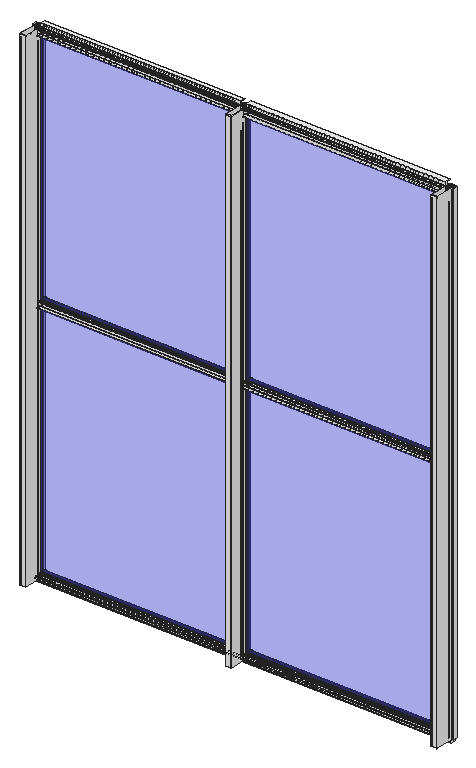
Revit family "Facade_60_Curtain_Wall_S22_Standard", category Windows, host Wall, Revit 2014
Parameters (values of type "F60-S22-4250-1000Pa")
  Windload Design [instance] = if(Custom Windload < 1001 mm, 1000 mm, if(Custom Windload < 1501 mm, 1500 mm, 2000 mm))  # 1000 mm
  Width [instance] = if(Custom Curtain Wall Width < Limit Door Width Min, Limit Door Width Min, if(Custom Curtain Wall Width > Limit Door Width Max, Limit Door Width Max, Custom Curtain Wall Width))  # 4190 mm
  Wall Thickness [instance] = 200 mm
  Vertical Profile Length [instance] = Height - Frame Bottom Gap  # 4960 mm
  URL = "http://www.crealco.co.za/crealco-products.php"
  Type Comments = ""
  Top Profile Overhang = 5.9 mm  # constant formula
  Thermal Resistance (R) [instance] = if(IGDB or SAGDB Number = 100100, 1.0000 (m²·K)/W / Intruderprufe U Value, if(IGDB or SAGDB Number = 100100, 1.0000 (m²·K)/W / Intruderprufe U Value, if(IGDB or SAGDB Number = 105003, 1.0000 (m²·K)/W / Intruderprufe Insulated U Value, if(IGDB or SAGDB Number = 105004, 1.0000 (m²·K)/W / Intruderprufe Insulated LowE U Value, 1.0000 (m²·K)/W / 7.9)))) * 1  # 0.126582 (m²·K)/W
  Thermal Break Material = Plastic, Opaque Black
  Solar Heat Gain Coefficient [instance] = if(IGDB or SAGDB Number = 100100, Intruderprufe SHGC Value, if(IGDB or SAGDB Number = 103200, Intruderprufe LowE SHGC Value, if(IGDB or SAGDB Number = 105003, Intruderprufe Insulated SHGC Value, if(IGDB or SAGDB Number = 105004, Intruderprufe Insulated LowE SHGC Value, 0))))  # 0
  Single Glazing [instance] = if(DG Forced, 1 = 0, not(Double Glazing))  # no
  Sill Height = 85 mm  # constant formula
  SG Forced [instance] = not(DG Forced)  # no
  Quarter Expansion Break = no
  Overall Width [instance] = 4190 mm
  Overall Height [instance] = 4990 mm
  Mullion Side Gap [instance] = (Width / 2) - 30 mm  # 2065 mm
  Mullion Configuration [instance] = if(Windload Design = 1000 mm, if(not(Height > 2490 mm), 1 mm, if(and(not(Height > 4990 mm), not(Width > 1790 mm)), 2 mm, 3 mm)), if(Windload Design = 1500 mm, if(Height > 2490 mm, 3 mm, if(Width > 2990 mm, 2 mm, 1 mm)), if(Height > 2490 mm, 3 mm, if(Width > 1790 mm, 2 mm, 1 mm))))  # 3 mm
  Model = "Façade 60 "  # constant formula
  Mid Transom Bottom Gap [instance] = (Height - Frame Bottom Gap) / 2  # 2480 mm
  Max System DG Unit Thickness = 25 mm  # constant formula
  Max System DG One Piece Thickness [instance] = rounddown((Max System DG Unit Thickness - DG Gasket Thickness) / 2 mm) * 1 mm  # 6 mm
  Max Pane Area [instance] = Glazing Width * Glazing Height  # 4.97114 m²
  Manufacturer = "Crealco"
  Limit Door Width Min = (2 * Limit Panel Width Min) + (2 * Glazing Side Gap) + 19.6 mm  # 699.2 mm
  Limit Door Width Max = (2 * Limit Panel Width Max) + (2 * Glazing Side Gap) + 19.6 mm  # 6099.2 mm
  Limit Door Height Min = (2 * Limit Panel Height Min) + 69.8 mm + (1 mm * 19.6) + 39.8 mm  # 729.2 mm
  Limit Door Height Max = (2 * Limit Panel Height Max) + 69.8 mm + (1 mm * 19.6) + 39.8 mm  # 12129.2 mm
  Limit Panel Width Min = 300 mm  # constant formula
  Limit Panel Width Max = 3000 mm  # constant formula
  Limit Panel Height Min = 300 mm  # constant formula
  Limit Panel Height Max = 6000 mm  # constant formula
  Sill Length [instance] = Width  # 4190 mm
  Length Sill [instance] = Width  # 4190 mm
  Keynote = ""
  Jamb Width = 60 mm  # constant formula
  Intruderprufe U Value = 5.69
  Intruderprufe SHGC Value = 0.742
  Intruderprufe LowE U Value = 3.97
  Intruderprufe LowE SHGC Value = 0.649
  Intruderprufe Insulated U Value = 2.91
  Intruderprufe Insulated SHGC Value = 0.637
  Intruderprufe Insulated LowE U Value = 2.21
  Intruderprufe Insulated LowE SHGC Value = 0.574
  Horizontal Profile Length [instance] = (Width - (2 * Jamb Width) - 60 mm) / 2  # 2005 mm
  Half Expansion Break = no
  Glazing Width [instance] = Horizontal Profile Length + (2 mm * 20.2)  # 2045.4 mm
  Glazing Top Gap = 39.8 mm  # constant formula
  Glazing Side Gap = 39.8 mm  # constant formula
  Glazing Height [instance] = (Height - Glazing Top Gap - Glazing Bottom Gap - (60 mm - 20.2 mm - 20.2 mm)) / 2  # 2430.4 mm
  Glazing Gap SG [instance] = (14 mm - SG Thickness) / 2  # 2 mm
  Glazing Gap DG [instance] = (28 mm - (DG Thickness + DG Thickness + DG Gasket Thickness)) / 2  # 2 mm
  Glazing Bottom Gap = 69.8 mm  # constant formula
  Frame Thickness = 101.8 mm  # constant formula
  Frame Bottom Gap = 30 mm  # constant formula
  Door Leaf Height [instance] = 2050 mm
  Double Glazing [instance] = yes
  DG Thickness Calc [instance] = if(not(Max Pane Area > 1.125 m²), 4 mm, if(not(Max Pane Area > 2.25 m²), 4 mm, if(not(Max Pane Area > 3.15 m²), 5 mm, if(not(Max Pane Area > 4.35 m²), 6 mm, if(not(Max Pane Area > 6.45 m²), 8 mm, 10 mm)))))  # 8 mm
  DG Thickness [instance] = if(IGDB or SAGDB Number = 105003, 6 mm, if(IGDB or SAGDB Number = 105004, 7 mm, if(DG Thickness Calc > Max System DG One Piece Thickness, Max System DG One Piece Thickness, DG Thickness Calc)))  # 6 mm
  DG Gasket Thickness = 12 mm  # constant formula
  DG Gasket Finish [instance] = Double Glazing Gasket Material
  DG Forced [instance] = if(IGDB or SAGDB Number = 100100, 1 = 0, if(IGDB or SAGDB Number = 103200, 1 = 0, if(IGDB or SAGDB Number = 105003, 1 = 1, if(IGDB or SAGDB Number = 105004, 1 = 1, Double Glazing))))  # yes
  IGDB or SAGDB Number [instance] = 0
  Height [instance] = if(Custom Curtain Wall Height < Limit Door Height Min, Limit Door Height Min, if(Custom Curtain Wall Height > Limit Door Height Max, Limit Door Height Max, Custom Curtain Wall Height))  # 4990 mm
  Heat Transfer Coefficient (U) [instance] = if(IGDB or SAGDB Number = 100100, Intruderprufe U Value, if(IGDB or SAGDB Number = 103200, Intruderprufe LowE U Value, if(IGDB or SAGDB Number = 105003, Intruderprufe Insulated U Value, if(IGDB or SAGDB Number = 105004, Intruderprufe Insulated LowE U Value, 7.9)))) * 1.0000 W/(m²·K)  # 7.9000 W/(m²·K)
  SG Thickness [instance] = if(IGDB or SAGDB Number = 100100, 6 mm, if(IGDB or SAGDB Number = 103200, 7 mm, if(not(Max Pane Area > 0.75 m²), 4 mm, if(not(Max Pane Area > 1.50 m²), 4 mm, if(not(Max Pane Area > 2.10 m²), 5 mm, if(not(Max Pane Area > 2.90 m²), 6.4 mm, if(not(Max Pane Area > 4.30 m²), 8 mm, 10 mm)))))))  # 10 mm
  Glazing Material [instance] = if(IGDB or SAGDB Number = 100100, "PFG INTRUDERPRUFE 6.38mm", if(IGDB or SAGDB Number = 103200, "PFG INTRUDERPRUFE LOW-E 7.38mm", if(IGDB or SAGDB Number = 105003, "PFG 25mm INTRUDERPRUFE INSULATED GLASS", if(IGDB or SAGDB Number = 105004, "PFG 25mm INTRUDERPRUFE INSULATED GLASS LOW-E", "Unknown"))))  # "Unknown"
  Glazing Finish [instance] = Glass
  Glazing Code [instance] = if(IGDB or SAGDB Number = 100100, "LAM01", if(IGDB or SAGDB Number = 103200, "LAM01E", if(IGDB or SAGDB Number = 105003, "IGU25", if(IGDB or SAGDB Number = 105004, "IGU25E", "Unknown"))))  # "Unknown"
  Frame Offset From Exterior [instance] = if(Centered In Wall, (Wall Thickness - Frame Thickness) / 2, Custom Offset From Exterior) + 5.9 mm  # 55 mm
  Description = "Curtain wall, S22 "  # constant formula
  Default Sill Height = 0 mm
  Wall Closure = By host
  Custom Curtain Wall Width = 4190 mm
  Custom Curtain Wall Height = 4990 mm
  Custom Windload = 1000 mm
  Custom Offset From Exterior = 0 mm
  Centered In Wall [instance] = 1 = 1  # yes
  Aluminium Finish [instance] = White Powder Coated Aluminium ANP 1052
  All Available Glazing Numbers [instance] = "The rows below list the available glazing materials for this window:"  # constant formula
  190mm Mullion [instance] = if(Mullion Configuration = 3 mm, 1 = 1, 1 = 0)  # yes
  160mm Mullion [instance] = if(Mullion Configuration = 2 mm, 1 = 1, 1 = 0)  # no
  105004 [instance] = "IGU25E"  # constant formula
  105003 [instance] = "IGU25"  # constant formula
  103200 [instance] = "LAM01E"  # constant formula
  100mm Mullion [instance] = if(or(Mullion Configuration = 2 mm, Mullion Configuration = 3 mm), 1 = 0, 1 = 1)  # no
  100100 [instance] = "LAM01"  # constant formula
Reference planes
  plane 1 "Center (Front/Back)": y = 0
  plane 2 "Center (Left/Right)": x = 0
  plane 3 "Left": x = -2095
  plane 4 "Right": x = 2095
  plane 5 "Sill": z = 0
  plane 6 "Head": z = 4990
  plane 7 "Exterior": y = 100
  plane 8 "Interior": y = -100
Lines and regions (mm)
  Opening 1
    outline origin (3507.082, -100, 0) x (1, 0, 0) y (0, 0, 1)
      loop
        line (-1412.082, 0) -> (-1412.082, 4990) -> (-5602.082, 4990) -> (-5602.082, 0) -> (-1412.082, 0)
Text (mm)
  text "EXTERIOR" at (-1963.203, 1332.353, 0), in view "Ref. Level"
  text "INTERIOR" at (-1981.466, -818.386, 0), in view "Ref. Level"
  text "Exterior" at (0, 923.751, 2943.296), in view "Right"
  text "Exterior" at (0, 1040.484, 2685.409), in view "Left"
Dimensions and locks
  equal spacing: plane 3 "Left", plane 2 "Center (Left/Right)", plane 4 "Right"
  "Width": plane 3 "Left" to plane 4 "Right"
  "Height": plane 5 "Sill" to plane 6 "Head"
  "Default Sill Height": plane 5 "Sill" to level
  locked: plane 7 "Exterior" to host wall at 0
  locked: plane 8 "Interior" to host wall
  "Overall Height": plane 6 "Head" to plane 5 "Sill"
  "Overall Width": plane 3 "Left" to plane 4 "Right"
  "Wall Thickness": host wall to host wall
  "Jamb Width": nested 3 to plane 4 "Right"
  "Jamb Width": nested 5 to plane 4 "Right"
  "Frame Bottom Gap": nested 5 to level
  "Frame Offset From Exterior": nested 1 to plane 7 "Exterior"
  "Glazing Side Gap": nested 6 to plane 4 "Right"
  "Glazing Top Gap": nested 6 to plane 6 "Head"
  "Glazing Gap SG": nested 6 to nested 1
  "Glazing Side Gap": nested 7 to plane 4 "Right"
  "Glazing Top Gap": nested 7 to plane 6 "Head"
  "Glazing Gap DG": nested 7 to nested 1
  "Mullion Side Gap": nested 8 to plane 4 "Right"
  "Frame Bottom Gap": nested 8 to level
  "Jamb Width": plane 3 "Left" to nested 10
  "Jamb Width": plane 3 "Left" to nested 9
  "Glazing Side Gap": plane 3 "Left" to nested 11
  "Glazing Side Gap": plane 3 "Left" to nested 12
  "Glazing Gap SG": nested 2 to nested 12
  "Glazing Gap DG": nested 2 to nested 11
  "Glazing Bottom Gap": nested 11 to level
  "Glazing Bottom Gap": nested 12 to level
  "Frame Bottom Gap": nested 9 to level
  "Mid Transom Bottom Gap": nested 13 to level
  "Mid Transom Bottom Gap": nested 14 to level
  "Jamb Width": plane 3 "Left" to nested 13
  "Jamb Width": nested 14 to plane 4 "Right"
  "Glazing Bottom Gap": nested 15 to level
  "Glazing Bottom Gap": nested 16 to level
  "Glazing Top Gap": nested 17 to plane 6 "Head"
  "Glazing Top Gap": nested 18 to plane 6 "Head"
  "Glazing Side Gap": plane 3 "Left" to nested 18
  "Glazing Side Gap": plane 3 "Left" to nested 17
  "Glazing Side Gap": nested 15 to plane 4 "Right"
  "Glazing Side Gap": nested 16 to plane 4 "Right"
  "Glazing Gap SG": nested 16 to nested 1
  "Glazing Gap DG": nested 15 to nested 1
  "Glazing Gap SG": nested 2 to nested 18
  "Glazing Gap DG": nested 2 to nested 17
  host wall to host wall = 12700 mm
  aligned and locked: plane 4 "Right" to nested 1
  aligned and locked: nested 1 to plane 6 "Head"
  aligned and locked: plane 3 "Left" to nested 2
  aligned and locked: plane 6 "Head" to nested 2
  aligned and locked: nested 3 to plane 6 "Head"
  aligned and locked: nested 4 to level
  aligned and locked: plane 4 "Right" to nested 4
  aligned and locked: nested 1 to nested 2
  aligned and locked: nested 5 to nested 4
  aligned and locked: nested 8 to nested 2
  aligned and locked: nested 10 to plane 6 "Head"
  aligned and locked: nested 5 to nested 10
  aligned and locked: nested 5 to nested 9
  aligned and locked: nested 10 to nested 3
  aligned and locked: nested 10 to nested 2
  aligned and locked: nested 13 to nested 10
  aligned and locked: nested 14 to nested 3
Automatic sketch dimensions
  plane 3 "Left" to Opening 1 sketch curve = 0 mm
  plane 4 "Right" to Opening 1 sketch curve = 0 mm
  Opening 1 sketch curve to plane 5 "Sill" = 0 mm
  Opening 1 sketch curve to plane 6 "Head" = 0 mm
Nested families
  nested 1: "F60 Vertical Profile Side_S22_Std" at (2095, -1.058, 30) x (-1, 0, 0) z (0, 0, 1), Thermal Break Material <- "Thermal Break Material", Profile Material <- "Aluminium Finish", Length <- "Vertical Profile Length", Single Glazing <- "SG Forced", Double Glazing <- "DG Forced", 100mm Mullion <- "100mm Mullion", 160mm Mullion <- "160mm Mullion", 190mm Mullion <- "190mm Mullion", Quarter Expansion Break <- "Quarter Expansion Break", Half Expansion Break <- "Half Expansion Break", type "F60 Vertical Profile Side_S22_Std"
    with Thermal Break Material Plastic, Opaque Black, Single Glazing no, Quarter SG Expansion Break no, Quarter Length 1240 mm, Quarter Expansion Break no, Quarter DG Expansion Break no, Quarter 190mm Expansion Break no, Quarter 160mm Expansion Break no, Quarter 100mm Expansion Break no, Profile Material White Powder Coated Aluminium ANP 1052, Length 4960 mm, Half SG Expansion Break no, Half Length 2480 mm, Half Expansion Break no, Half DG Expansion Break no, Half 190mm Expansion Joint no, Half 160mm Expansion Break no, Half 100mm Expansion Break no, Double Glazing yes, 190mm Mullion yes, 160mm Mullion no, 100mm Mullion no
  nested 2: "F60 Vertical Profile Side_S22_Std" at (-2095, -1.058, 30), Thermal Break Material <- "Thermal Break Material", Profile Material <- "Aluminium Finish", Length <- "Vertical Profile Length", Single Glazing <- "SG Forced", Double Glazing <- "DG Forced", 100mm Mullion <- "100mm Mullion", 160mm Mullion <- "160mm Mullion", 190mm Mullion <- "190mm Mullion", Quarter Expansion Break <- "Quarter Expansion Break", Half Expansion Break <- "Half Expansion Break", type "F60 Vertical Profile Side_S22_Std"
    with Thermal Break Material Plastic, Opaque Black, Single Glazing no, Quarter SG Expansion Break no, Quarter Length 1240 mm, Quarter Expansion Break no, Quarter DG Expansion Break no, Quarter 190mm Expansion Break no, Quarter 160mm Expansion Break no, Quarter 100mm Expansion Break no, Profile Material White Powder Coated Aluminium ANP 1052, Length 4960 mm, Half SG Expansion Break no, Half Length 2480 mm, Half Expansion Break no, Half DG Expansion Break no, Half 190mm Expansion Joint no, Half 160mm Expansion Break no, Half 100mm Expansion Break no, Double Glazing yes, 190mm Mullion yes, 160mm Mullion no, 100mm Mullion no
  nested 3: "F60 Horizontal Profile Top_S22_Std" at (2035, -50.858, 4930) x (-1, 0, 0) z (0, 0, 1), Thermal Break Material <- "Thermal Break Material", Profile Material <- "Aluminium Finish", Length <- "Horizontal Profile Length", Single Glazing <- "SG Forced", Double Glazing <- "DG Forced", type "F60 Horizontal Profile Top_S22_Std"
    with Thermal Break Material Plastic, Opaque Black, Single Glazing no, Profile Material White Powder Coated Aluminium ANP 1052, Length 2005 mm, Double Glazing yes
  nested 4: "F60 Sill_S22_Std" at (2095, -13.486, -1.88) x (-1, 0, 0) z (0, 0, 1), Profile Material <- "Aluminium Finish", Length Sill <- "Length Sill", type "F60 Sill_S22_Std"
    with Profile Material White Powder Coated Aluminium ANP 1052, Length Sill 4190 mm
  nested 5: "F60 Horizontal Profile Bottom_S22_Std" at (2035, -50.858, 30) x (-1, 0, 0) z (0, 0, 1), Thermal Break Material <- "Thermal Break Material", Profile Material <- "Aluminium Finish", Length <- "Horizontal Profile Length", Single Glazing <- "SG Forced", Double Glazing <- "DG Forced", type "F60 Horizontal Profile Bottom_S22_Std"
    with Thermal Break Material Plastic, Opaque Black, Single Glazing no, Profile Material White Powder Coated Aluminium ANP 1052, Length 2005 mm, Double Glazing yes
  nested 6: "F60_Single_Glazing_S22_Std" at (2055.2, 10.942, 2519.8), Glazing Width <- "Glazing Width", Glazing Height <- "Glazing Height", SG Thickness <- "SG Thickness", Glazing Finish <- "Glazing Finish", visible <- "SG Forced", type "F60_Single_Glazing_S22_Std"
    with SG Thickness 10 mm, Glazing Width 2045.4 mm, Glazing Height 2430.4 mm, Glazing Finish Glass
  nested 7: "F60_Double_Glazing_S22_Std" at (2055.2, 24.942, 2519.8), Glazing Material <- "Glazing Finish", Double Glazing Gasket Material <- "DG Gasket Finish", Glazing Width <- "Glazing Width", Glazing Height <- "Glazing Height", Glazing Thickness DG <- "DG Thickness", Double Glazing Gasket Thickness <- "DG Gasket Thickness", visible <- "DG Forced", type "F60_Double_Glazing_S22_Std"
    with Glazing Width 2045.4 mm, Glazing Thickness DG 6 mm, Glazing Material Glass, Glazing Height 2430.4 mm, Double Glazing Gasket Thickness 12 mm, Double Glazing Gasket Material Double Glazing Gasket Material
  nested 8: "F60 Vertical Profile Middle_S22_Std" at (30, -1.058, 30) x (-1, 0, 0) z (0, 0, 1), Thermal Break Material <- "Thermal Break Material", Profile Material <- "Aluminium Finish", Single Glazing <- "SG Forced", Double Glazing <- "DG Forced", 190mm Mullion <- "190mm Mullion", 160mm Mullion <- "160mm Mullion", 100mm Mullion <- "100mm Mullion", Length <- "Vertical Profile Length", Quarter Expansion Break <- "Quarter Expansion Break", Half Expansion Break <- "Half Expansion Break", type "F60 Vertical Profile Middle_S22_Std"
    with Thermal Break Material Plastic, Opaque Black, Single Glazing no, Quarter SG Expansion Break no, Quarter Length 1240 mm, Quarter Expansion Break no, Quarter DG Expansion Break no, Quarter 190mm Expansion Break no, Quarter 160mm Expansion Break no, Quarter 100mm Expansion Break no, Profile Material White Powder Coated Aluminium ANP 1052, Length 4960 mm, Half SG Expansion Break no, Half Length 2480 mm, Half Expansion Break no, Half DG Expansion Break no, Half 190mm Expansion Joint no, Half 160mm Expansion Break no, Half 100mm Expansion Break no, Double Glazing yes, 190mm Mullion yes, 160mm Mullion no, 100mm Mullion no
  nested 9: "F60 Horizontal Profile Bottom_S22_Std" at (-30, -50.858, 30) x (-1, 0, 0) z (0, 0, 1), Thermal Break Material <- "Thermal Break Material", Profile Material <- "Aluminium Finish", Length <- "Horizontal Profile Length", Single Glazing <- "SG Forced", Double Glazing <- "DG Forced", type "F60 Horizontal Profile Bottom_S22_Std"
    with Thermal Break Material Plastic, Opaque Black, Single Glazing no, Profile Material White Powder Coated Aluminium ANP 1052, Length 2005 mm, Double Glazing yes
  nested 10: "F60 Horizontal Profile Top_S22_Std" at (-30, -50.858, 4930) x (-1, 0, 0) z (0, 0, 1), Thermal Break Material <- "Thermal Break Material", Profile Material <- "Aluminium Finish", Length <- "Horizontal Profile Length", Single Glazing <- "SG Forced", Double Glazing <- "DG Forced", type "F60 Horizontal Profile Top_S22_Std"
    with Thermal Break Material Plastic, Opaque Black, Single Glazing no, Profile Material White Powder Coated Aluminium ANP 1052, Length 2005 mm, Double Glazing yes
  nested 11: "F60_Double_Glazing_S22_Std" at (-9.8, 24.942, 69.8), Glazing Material <- "Glazing Finish", Double Glazing Gasket Material <- "DG Gasket Finish", Glazing Width <- "Glazing Width", Glazing Height <- "Glazing Height", Glazing Thickness DG <- "DG Thickness", Double Glazing Gasket Thickness <- "DG Gasket Thickness", visible <- "DG Forced", type "F60_Double_Glazing_S22_Std"
    with Glazing Width 2045.4 mm, Glazing Thickness DG 6 mm, Glazing Material Glass, Glazing Height 2430.4 mm, Double Glazing Gasket Thickness 12 mm, Double Glazing Gasket Material Double Glazing Gasket Material
  nested 12: "F60_Single_Glazing_S22_Std" at (-9.8, 10.942, 69.8), Glazing Width <- "Glazing Width", Glazing Height <- "Glazing Height", SG Thickness <- "SG Thickness", Glazing Finish <- "Glazing Finish", visible <- "SG Forced", type "F60_Single_Glazing_S22_Std"
    with SG Thickness 10 mm, Glazing Width 2045.4 mm, Glazing Height 2430.4 mm, Glazing Finish Glass
  nested 13: "F60 Horizontal Profile Middle_S22_Std" at (-30, -50.858, 2480) x (-1, 0, 0) z (0, 0, 1), Thermal Break Material <- "Thermal Break Material", Profile Material <- "Aluminium Finish", Length <- "Horizontal Profile Length", Single Glazing <- "SG Forced", Double Glazing <- "DG Forced", type "F60 Horizontal Profile Middle_S22_Std"
    with Thermal Break Material Plastic, Opaque Black, Single Glazing no, Profile Material White Powder Coated Aluminium ANP 1052, Length 2005 mm, Double Glazing yes
  nested 14: "F60 Horizontal Profile Middle_S22_Std" at (2035, -50.858, 2480) x (-1, 0, 0) z (0, 0, 1), Thermal Break Material <- "Thermal Break Material", Profile Material <- "Aluminium Finish", Length <- "Horizontal Profile Length", Single Glazing <- "SG Forced", Double Glazing <- "DG Forced", type "F60 Horizontal Profile Middle_S22_Std"
    with Thermal Break Material Plastic, Opaque Black, Single Glazing no, Profile Material White Powder Coated Aluminium ANP 1052, Length 2005 mm, Double Glazing yes
  nested 15: "F60_Double_Glazing_S22_Std" at (2055.2, 24.942, 69.8), Glazing Material <- "Glazing Finish", Double Glazing Gasket Material <- "DG Gasket Finish", Glazing Width <- "Glazing Width", Glazing Height <- "Glazing Height", Glazing Thickness DG <- "DG Thickness", Double Glazing Gasket Thickness <- "DG Gasket Thickness", visible <- "DG Forced", type "F60_Double_Glazing_S22_Std"
    with Glazing Width 2045.4 mm, Glazing Thickness DG 6 mm, Glazing Material Glass, Glazing Height 2430.4 mm, Double Glazing Gasket Thickness 12 mm, Double Glazing Gasket Material Double Glazing Gasket Material
  nested 16: "F60_Single_Glazing_S22_Std" at (2055.2, 10.942, 69.8), Glazing Width <- "Glazing Width", Glazing Height <- "Glazing Height", SG Thickness <- "SG Thickness", Glazing Finish <- "Glazing Finish", visible <- "SG Forced", type "F60_Single_Glazing_S22_Std"
    with SG Thickness 10 mm, Glazing Width 2045.4 mm, Glazing Height 2430.4 mm, Glazing Finish Glass
  nested 17: "F60_Double_Glazing_S22_Std" at (-9.8, 24.942, 2519.8), Glazing Material <- "Glazing Finish", Double Glazing Gasket Material <- "DG Gasket Finish", Glazing Width <- "Glazing Width", Glazing Height <- "Glazing Height", Glazing Thickness DG <- "DG Thickness", Double Glazing Gasket Thickness <- "DG Gasket Thickness", visible <- "DG Forced", type "F60_Double_Glazing_S22_Std"
    with Glazing Width 2045.4 mm, Glazing Thickness DG 6 mm, Glazing Material Glass, Glazing Height 2430.4 mm, Double Glazing Gasket Thickness 12 mm, Double Glazing Gasket Material Double Glazing Gasket Material
  nested 18: "F60_Single_Glazing_S22_Std" at (-9.8, 10.942, 2519.8), Glazing Width <- "Glazing Width", Glazing Height <- "Glazing Height", SG Thickness <- "SG Thickness", Glazing Finish <- "Glazing Finish", visible <- "SG Forced", type "F60_Single_Glazing_S22_Std"
    with SG Thickness 10 mm, Glazing Width 2045.4 mm, Glazing Height 2430.4 mm, Glazing Finish Glass
Definition of nested family "F60 Vertical Profile Side_S22_Std"
  Parameters (values of type "F60 Vertical Profile Side")
    Quarter SG Expansion Break [instance] = if(and(Quarter Expansion Break, Single Glazing), 1 = 1, 1 = 0)  # yes
    Quarter Length [instance] = Length / 4  # 62.5 mm
    Thermal Break Material [instance] = none
    Single Glazing [instance] = yes
    Quarter Expansion Break [instance] = yes
    Quarter DG Expansion Break [instance] = if(and(Quarter Expansion Break, Double Glazing), 1 = 1, 1 = 0)  # yes
    Quarter 190mm Expansion Break [instance] = if(and(Quarter Expansion Break, [190mm Mullion]), 1 = 1, 1 = 0)  # yes
    Quarter 160mm Expansion Break [instance] = if(and(Quarter Expansion Break, [160mm Mullion]), 1 = 1, 1 = 0)  # yes
    Quarter 100mm Expansion Break [instance] = if(and(Quarter Expansion Break, [100mm Mullion]), 1 = 1, 1 = 0)  # yes
    Profile Material [instance] = none
    Length [instance] = 250 mm
    Half SG Expansion Break [instance] = if(and(Half Expansion Break, Single Glazing), 1 = 1, 1 = 0)  # yes
    Half Length [instance] = Length / 2  # 125 mm
    Half Expansion Break [instance] = yes
    Half DG Expansion Break [instance] = if(and(Half Expansion Break, Double Glazing), 1 = 1, 1 = 0)  # yes
    Half 190mm Expansion Joint [instance] = if(and(Half Expansion Break, [190mm Mullion]), 1 = 1, 1 = 0)  # yes
    Half 160mm Expansion Break [instance] = if(and(Half Expansion Break, [160mm Mullion]), 1 = 1, 1 = 0)  # yes
    Half 100mm Expansion Break [instance] = if(and(Half Expansion Break, [100mm Mullion]), 1 = 1, 1 = 0)  # yes
    Double Glazing [instance] = yes
    190mm Mullion [instance] = yes
    160mm Mullion [instance] = yes
    100mm Mullion [instance] = yes
  Reference planes
    plane 1 "Center (Front/Back)": y = 0
    plane 2: z = 0
    plane 3 "Center (Left/Right)": x = 0
  Forms (mm)
    Extrusion 1, solid, material <- "Profile Material"
      sketch origin (0, 0, 0) x (1, 0, 0) y (0, 1, 0)
        loop
          arc (25.249, -8.7) -> (25.484, -9.266) -> (26.049, -9.5) r 0.8
          line (26.049, -9.5) -> (27.1, -9.5) -> (27.1, 7) -> (32.902, 7) -> (32.902, -9.5) -> (33.951, -9.5)
          arc (33.951, -9.5) -> (34.516, -9.266) -> (34.751, -8.7) r 0.8
          line (34.751, -8.7) -> (34.751, 6.2)
          arc (34.751, 6.2) -> (34.985, 6.766) -> (35.551, 7) r 0.8
          line (35.551, 7) -> (52.1, 7) -> (52.1, 5.4) -> (50.55, 5.4) -> (50.55, 4.55)
          arc (50.55, 4.55) -> (50.726, 4.126) -> (51.15, 3.95) r 0.6
          line (51.15, 3.95) -> (52.1, 3.95) -> (52.1, 1)
          arc (52.1, 1) -> (51.6, 0.5) -> (52.1, 0) r 0.5
          line (52.1, 0) -> (54.45, 0) -> (54.45, 1.15) -> (53.3, 1.15) -> (53.3, 2.45) -> (58.8, 2.45) -> (58.8, 1.15) -> (57.65, 1.15) -> (57.65, 0) -> (59.5, 0)
          arc (59.5, 0) -> (59.854, 0.146) -> (60, 0.5) r 0.5
          line (60, 0.5) -> (60, 3.9) -> (53.55, 3.9) -> (53.55, 7.6)
          arc (53.55, 7.6) -> (53.316, 8.166) -> (52.75, 8.4) r 0.8
          line (52.75, 8.4) -> (30, 8.4) -> (7.25, 8.4)
          arc (7.25, 8.4) -> (6.684, 8.166) -> (6.45, 7.6) r 0.8
          line (6.45, 7.6) -> (6.45, 3.9) -> (0, 3.9) -> (0, 0.5)
          arc (0, 0.5) -> (0.146, 0.146) -> (0.5, 0) r 0.5
          line (0.5, 0) -> (2.35, 0) -> (2.35, 1.15) -> (1.2, 1.15) -> (1.2, 2.45) -> (6.7, 2.45) -> (6.7, 1.15) -> (5.55, 1.15) -> (5.55, 0) -> (7.9, 0)
          arc (7.9, 0) -> (8.4, 0.5) -> (7.9, 1) r 0.5
          line (7.9, 1) -> (7.9, 3.95) -> (8.85, 3.95)
          arc (8.85, 3.95) -> (9.274, 4.126) -> (9.45, 4.55) r 0.6
          line (9.45, 4.55) -> (9.45, 5.4) -> (7.9, 5.4) -> (7.9, 7) -> (24.449, 7)
          arc (24.449, 7) -> (25.015, 6.766) -> (25.249, 6.2) r 0.8
          line (25.249, 6.2) -> (25.249, -8.7)
      from 0 to 250 <- "Length"
    Extrusion 2, solid, material <- "Thermal Break Material"
      sketch origin (0, 0, 0) x (1, 0, 0) y (0, 1, 0)
        loop
          line (1.75, 9.8) -> (1.75, 5.2) -> (0, 5.2) -> (0, 3.9) -> (6.35, 3.9) -> (6.35, 7.856)
          arc (6.35, 7.856) -> (6.526, 8.281) -> (6.95, 8.456) r 0.6
          line (6.95, 8.456) -> (30, 8.456) -> (53.05, 8.456)
          arc (53.05, 8.456) -> (53.474, 8.281) -> (53.65, 7.856) r 0.6
          line (53.65, 7.856) -> (53.65, 3.9) -> (60, 3.9) -> (60, 5.2) -> (58.25, 5.2) -> (58.25, 9.8) -> (30, 9.8) -> (1.75, 9.8)
      from 0 to 250 <- "Length"
    Extrusion 3, solid, material <- "Thermal Break Material", visible <- "Single Glazing"
      sketch origin (0, 0, 0) x (1, 0, 0) y (0, 1, 0)
        loop
          line (25.749, -14.011) -> (27.672, -14.011) -> (28.481, -12.611) -> (31.518, -12.611) -> (32.327, -14.011) -> (34.249, -14.011)
          arc (34.249, -14.011) -> (34.603, -13.864) -> (34.749, -13.511) r 0.5
          line (34.749, -13.511) -> (34.749, -10.011)
          arc (34.749, -10.011) -> (34.603, -9.657) -> (34.249, -9.511) r 0.5
          line (34.249, -9.511) -> (32.352, -9.511) -> (32.352, 0.19) -> (31.349, 2.261)
          arc (31.349, 2.261) -> (29.999, 2.986) -> (28.649, 2.261) r 1.62
          line (28.649, 2.261) -> (27.647, 0.19) -> (27.647, -9.511) -> (25.749, -9.511)
          arc (25.749, -9.511) -> (25.396, -9.657) -> (25.249, -10.011) r 0.5
          line (25.249, -10.011) -> (25.249, -13.511)
          arc (25.249, -13.511) -> (25.396, -13.864) -> (25.749, -14.011) r 0.5
        loop
          line (28.504, -10.005) -> (28.504, -10.861)
          arc (28.504, -10.861) -> (28.651, -11.214) -> (29.004, -11.361) r 0.5
          line (29.004, -11.361) -> (30.994, -11.361)
          arc (30.994, -11.361) -> (31.348, -11.214) -> (31.494, -10.861) r 0.5
          line (31.494, -10.861) -> (31.494, -10.005) -> (30.708, -9.219)
          arc (30.708, -9.219) -> (30.383, -9.001) -> (29.999, -8.924) r 1.007
          arc (29.999, -8.924) -> (29.616, -8.999) -> (29.292, -9.217) r 0.986
          line (29.292, -9.217) -> (28.504, -10.005)
        loop
          arc (30.896, 1.935) -> (29.887, 2.44) -> (29.005, 1.735) r 1.047
          line (29.005, 1.735) -> (28.347, 0.374) -> (28.347, -6.993)
          arc (28.347, -6.993) -> (28.583, -7.417) -> (29.068, -7.441) r 0.5
          arc (29.068, -7.441) -> (29.999, -7.223) -> (30.93, -7.441) r 2.099
          arc (30.93, -7.441) -> (31.416, -7.417) -> (31.652, -6.993) r 0.5
          line (31.652, -6.993) -> (31.652, 0.374) -> (30.896, 1.935)
      from 0 to 250 <- "Length"
    Extrusion 4, solid, material <- "Profile Material", visible <- "Single Glazing"
      sketch origin (0, 0, 0) x (1, 0, 0) y (0, 1, 0)
        loop
          line (52.693, -14.011) -> (32.327, -14.011) -> (31.519, -12.611) -> (28.481, -12.611) -> (27.673, -14.011) -> (7.307, -14.011) -> (7.307, -15.011) -> (8.457, -15.011) -> (8.457, -16.261) -> (2.957, -16.261) -> (2.957, -15.011) -> (4.107, -15.011) -> (4.107, -14.011) -> (1.707, -14.011)
          arc (1.707, -14.011) -> (1.199, -14.293) -> (1.168, -14.873) r 0.6
          line (1.168, -14.873) -> (2.093, -16.772) -> (1.015, -17.298) -> (1.484, -18.261) -> (11.488, -18.261)
          arc (11.488, -18.261) -> (11.913, -18.085) -> (12.088, -17.661) r 0.6
          line (12.088, -17.661) -> (12.088, -16.811) -> (47.912, -16.811) -> (47.912, -17.661)
          arc (47.912, -17.661) -> (48.088, -18.085) -> (48.512, -18.261) r 0.6
          line (48.512, -18.261) -> (58.518, -18.261) -> (58.987, -17.298) -> (57.908, -16.772) -> (58.834, -14.874)
          arc (58.834, -14.874) -> (58.802, -14.293) -> (58.293, -14.011) r 0.6
          line (58.293, -14.011) -> (55.893, -14.011) -> (55.893, -15.011) -> (57.043, -15.011) -> (57.043, -16.261) -> (51.543, -16.261) -> (51.543, -15.011) -> (52.693, -15.011) -> (52.693, -14.011)
      from 0 to 250 <- "Length"
    Extrusion 5, solid, material <- "Profile Material", visible <- "Single Glazing"
      sketch origin (0, 0, 0) x (1, 0, 0) y (0, 1, 0)
        loop
          line (2.801, -18.261) -> (1.484, -18.261) -> (1.015, -17.298) -> (2.093, -16.772) -> (0.779, -14.076)
          arc (0.779, -14.076) -> (0.239, -14.21) -> (0.001, -14.713) r 0.65
          line (0.001, -14.713) -> (0.001, -28.068)
          arc (0.001, -28.068) -> (1.172, -30.897) -> (4.001, -32.068) r 4
          line (4.001, -32.068) -> (30.001, -32.068) -> (56.001, -32.068)
          arc (56.001, -32.068) -> (58.829, -30.897) -> (60.001, -28.068) r 4
          line (60.001, -28.068) -> (60.001, -14.713)
          arc (60.001, -14.713) -> (59.763, -14.21) -> (59.223, -14.076) r 0.65
          line (59.223, -14.076) -> (57.908, -16.772) -> (58.987, -17.298) -> (58.518, -18.261) -> (57.201, -18.261)
          arc (57.201, -18.261) -> (56.83, -18.425) -> (56.703, -18.811) r 0.5
          arc (56.703, -18.811) -> (56.83, -19.196) -> (57.201, -19.361) r 0.5
          line (57.201, -19.361) -> (58.951, -19.361) -> (58.951, -27.968)
          arc (58.951, -27.968) -> (58.131, -29.948) -> (56.151, -30.768) r 2.8
          line (56.151, -30.768) -> (30.001, -30.768) -> (3.851, -30.768)
          arc (3.851, -30.768) -> (1.871, -29.948) -> (1.051, -27.968) r 2.8
          line (1.051, -27.968) -> (1.051, -19.361) -> (2.801, -19.361)
          arc (2.801, -19.361) -> (3.172, -19.196) -> (3.298, -18.811) r 0.5
          arc (3.298, -18.811) -> (3.172, -18.425) -> (2.801, -18.261) r 0.5
      from 0 to 250 <- "Length"
    Extrusion 6, solid, material <- "Profile Material", visible <- "100mm Mullion"
      sketch origin (0, 0, 0) x (1, 0, 0) y (0, 1, 0)
        loop
          line (14.02, 13) -> (45.98, 13)
          arc (45.98, 13) -> (46.539, 12.842) -> (46.917, 12.4) r 1
          arc (46.917, 12.4) -> (47.285, 11.963) -> (47.833, 11.8) r 1
          line (47.833, 11.8) -> (58.15, 11.8) -> (58.15, 96.3) -> (47.833, 96.3)
          arc (47.833, 96.3) -> (47.285, 96.137) -> (46.917, 95.7) r 1
          arc (46.917, 95.7) -> (46.548, 95.263) -> (46, 95.1) r 1
          line (46, 95.1) -> (14, 95.1)
          arc (14, 95.1) -> (13.452, 95.263) -> (13.083, 95.7) r 1
          arc (13.083, 95.7) -> (12.715, 96.137) -> (12.167, 96.3) r 1
          line (12.167, 96.3) -> (1.85, 96.3) -> (1.85, 11.8) -> (12.167, 11.8)
          arc (12.167, 11.8) -> (12.715, 11.963) -> (13.083, 12.4) r 1
          arc (13.083, 12.4) -> (13.461, 12.842) -> (14.02, 13) r 1
        loop
          line (1.65, 9.856) -> (58.35, 9.856) -> (58.35, 5.2) -> (60, 5.2) -> (60, 98.8)
          arc (60, 98.8) -> (59.707, 99.507) -> (59, 99.8) r 1
          line (59, 99.8) -> (1, 99.8)
          arc (1, 99.8) -> (0.293, 99.507) -> (0, 98.8) r 1
          line (0, 98.8) -> (0, 5.2) -> (1.65, 5.2) -> (1.65, 9.856)
      from 0 to 250 <- "Length"
    Extrusion 7, solid, material <- "Profile Material", visible <- "160mm Mullion"
      sketch origin (0, 0, 0) x (1, 0, 0) y (0, 1, 0)
        loop
          arc (2.35, 15.6) -> (2.526, 15.176) -> (2.95, 15) r 0.6
          line (2.95, 15) -> (57.05, 15)
          arc (57.05, 15) -> (57.474, 15.176) -> (57.65, 15.6) r 0.6
          line (57.65, 15.6) -> (57.65, 153.7)
          arc (57.65, 153.7) -> (57.474, 154.124) -> (57.05, 154.3) r 0.6
          line (57.05, 154.3) -> (47.833, 154.3)
          arc (47.833, 154.3) -> (47.285, 154.137) -> (46.917, 153.7) r 1
          arc (46.917, 153.7) -> (46.548, 153.263) -> (46, 153.1) r 1
          line (46, 153.1) -> (14, 153.1)
          arc (14, 153.1) -> (13.452, 153.263) -> (13.083, 153.7) r 1
          arc (13.083, 153.7) -> (12.715, 154.137) -> (12.167, 154.3) r 1
          line (12.167, 154.3) -> (2.95, 154.3)
          arc (2.95, 154.3) -> (2.526, 154.124) -> (2.35, 153.7) r 0.6
          line (2.35, 153.7) -> (2.35, 15.6)
        loop
          arc (1, 159.8) -> (0.293, 159.507) -> (0, 158.8) r 1
          line (0, 158.8) -> (0, 5.2) -> (1.65, 5.2) -> (1.65, 10.013) -> (58.35, 10.013) -> (58.35, 5.2) -> (60, 5.2) -> (60, 158.8)
          arc (60, 158.8) -> (59.707, 159.507) -> (59, 159.8) r 1
          line (59, 159.8) -> (1, 159.8)
      from 0 to 250 <- "Length"
    Extrusion 8, solid, material <- "Profile Material", visible <- "190mm Mullion"
      sketch origin (0, 0, 0) x (1, 0, 0) y (0, 1, 0)
        loop
          line (57.25, 15.1) -> (57.25, 178.3)
          arc (57.25, 178.3) -> (56.957, 179.007) -> (56.25, 179.3) r 1
          line (56.25, 179.3) -> (3.75, 179.3)
          arc (3.75, 179.3) -> (3.043, 179.007) -> (2.75, 178.3) r 1
          line (2.75, 178.3) -> (2.75, 15.1)
          arc (2.75, 15.1) -> (2.984, 14.534) -> (3.55, 14.3) r 0.8
          line (3.55, 14.3) -> (56.45, 14.3)
          arc (56.45, 14.3) -> (57.016, 14.534) -> (57.25, 15.1) r 0.8
        loop
          line (60, 5.2) -> (60, 188.8)
          arc (60, 188.8) -> (59.707, 189.507) -> (59, 189.8) r 1
          line (59, 189.8) -> (1, 189.8)
          arc (1, 189.8) -> (0.293, 189.507) -> (0, 188.8) r 1
          line (0, 188.8) -> (0, 5.2) -> (1.65, 5.2) -> (1.65, 9.856) -> (58.35, 9.856) -> (58.35, 5.2) -> (60, 5.2)
      from 0 to 250 <- "Length"
    Extrusion 9, solid, material <- "Thermal Break Material", visible <- "Double Glazing"
      sketch origin (0, 0, 0) x (1, 0, 0) y (0, 1, 0)
        loop
          line (27.672, -28) -> (28.48, -26.6) -> (31.518, -26.6) -> (32.326, -28) -> (34.249, -28)
          arc (34.249, -28) -> (34.603, -27.854) -> (34.749, -27.5) r 0.5
          line (34.749, -27.5) -> (34.749, -10)
          arc (34.749, -10) -> (34.603, -9.646) -> (34.249, -9.5) r 0.5
          line (34.249, -9.5) -> (32.352, -9.5) -> (32.352, 0.198) -> (31.348, 2.272)
          arc (31.348, 2.272) -> (29.998, 2.997) -> (28.648, 2.272) r 1.62
          line (28.648, 2.272) -> (27.645, 0.201) -> (27.645, -9.5) -> (25.749, -9.5)
          arc (25.749, -9.5) -> (25.396, -9.646) -> (25.249, -10) r 0.5
          line (25.249, -10) -> (25.249, -27.5)
          arc (25.249, -27.5) -> (25.396, -27.854) -> (25.749, -28) r 0.5
          line (25.749, -28) -> (27.672, -28)
        loop
          arc (30.706, -9.206) -> (30.382, -8.99) -> (29.999, -8.913) r 1.007
          arc (29.999, -8.913) -> (29.616, -8.988) -> (29.292, -9.206) r 0.986
          line (29.292, -9.206) -> (27.142, -11.356)
          arc (27.142, -11.356) -> (26.926, -11.68) -> (26.849, -12.063) r 1
          line (26.849, -12.063) -> (26.849, -24)
          arc (26.849, -24) -> (27.142, -24.707) -> (27.849, -25) r 1
          line (27.849, -25) -> (32.149, -25)
          arc (32.149, -25) -> (32.856, -24.707) -> (33.149, -24) r 1
          line (33.149, -24) -> (33.149, -12.063)
          arc (33.149, -12.063) -> (33.073, -11.68) -> (32.856, -11.356) r 1
          line (32.856, -11.356) -> (30.706, -9.206)
        loop
          arc (28.345, -6.982) -> (28.581, -7.407) -> (29.067, -7.43) r 0.5
          arc (29.067, -7.43) -> (29.998, -7.213) -> (30.929, -7.43) r 2.099
          arc (30.929, -7.43) -> (31.414, -7.407) -> (31.651, -6.982) r 0.5
          line (31.651, -6.982) -> (31.651, 0.385) -> (30.895, 1.946)
          arc (30.895, 1.946) -> (29.885, 2.45) -> (29.004, 1.745) r 1.047
          line (29.004, 1.745) -> (28.345, 0.385) -> (28.345, -6.982)
      from 0 to 250 <- "Length"
    Extrusion 10, solid, material <- "Profile Material", visible <- "Double Glazing"
      sketch origin (0, 0, 0) x (1, 0, 0) y (0, 1, 0)
        loop
          line (52.692, -28) -> (32.327, -28) -> (31.518, -26.6) -> (28.48, -26.6) -> (27.672, -28) -> (7.306, -28) -> (7.306, -29) -> (8.456, -29) -> (8.456, -30.25) -> (2.956, -30.25) -> (2.956, -29) -> (4.106, -29) -> (4.106, -28) -> (1.706, -28)
          arc (1.706, -28) -> (1.198, -28.282) -> (1.167, -28.863) r 0.6
          line (1.167, -28.863) -> (2.093, -30.762) -> (1.014, -31.288) -> (1.483, -32.25) -> (11.488, -32.25)
          arc (11.488, -32.25) -> (11.912, -32.074) -> (12.088, -31.65) r 0.6
          line (12.088, -31.65) -> (12.088, -30.8) -> (47.911, -30.8) -> (47.911, -31.65)
          arc (47.911, -31.65) -> (48.087, -32.074) -> (48.511, -32.25) r 0.6
          line (48.511, -32.25) -> (58.517, -32.25) -> (58.986, -31.288) -> (57.907, -30.762) -> (58.833, -28.864)
          arc (58.833, -28.864) -> (58.801, -28.282) -> (58.292, -28) r 0.6
          line (58.292, -28) -> (55.892, -28) -> (55.892, -29) -> (57.042, -29) -> (57.042, -30.25) -> (51.542, -30.25) -> (51.542, -29) -> (52.692, -29) -> (52.692, -28)
      from 0 to 250 <- "Length"
    Extrusion 11, solid, material <- "Profile Material", visible <- "Double Glazing"
      sketch origin (0, 0, 0) x (1, 0, 0) y (0, 1, 0)
        loop
          line (2.8, -32.25) -> (1.483, -32.25) -> (1.014, -31.288) -> (2.093, -30.762) -> (0.778, -28.065)
          arc (0.778, -28.065) -> (0.238, -28.2) -> (0, -28.702) r 0.65
          line (0, -28.702) -> (0, -42.058)
          arc (0, -42.058) -> (1.172, -44.886) -> (4, -46.058) r 4
          line (4, -46.058) -> (30, -46.058) -> (56, -46.058)
          arc (56, -46.058) -> (58.828, -44.886) -> (60, -42.058) r 4
          line (60, -42.058) -> (60, -28.702)
          arc (60, -28.702) -> (59.762, -28.2) -> (59.222, -28.065) r 0.65
          line (59.222, -28.065) -> (57.907, -30.762) -> (58.986, -31.288) -> (58.517, -32.25) -> (57.2, -32.25)
          arc (57.2, -32.25) -> (56.829, -32.415) -> (56.703, -32.8) r 0.5
          arc (56.703, -32.8) -> (56.829, -33.185) -> (57.2, -33.35) r 0.5
          line (57.2, -33.35) -> (58.95, -33.35) -> (58.95, -41.958)
          arc (58.95, -41.958) -> (58.13, -43.938) -> (56.15, -44.758) r 2.8
          line (56.15, -44.758) -> (30, -44.758) -> (3.85, -44.758)
          arc (3.85, -44.758) -> (1.87, -43.938) -> (1.05, -41.958) r 2.8
          line (1.05, -41.958) -> (1.05, -33.35) -> (2.8, -33.35)
          arc (2.8, -33.35) -> (3.171, -33.185) -> (3.297, -32.8) r 0.5
          arc (3.297, -32.8) -> (3.171, -32.415) -> (2.8, -32.25) r 0.5
      from 0 to 250 <- "Length"
    Extrusion 12, solid, material <- "Profile Material", visible <- "Single Glazing"
      sketch origin (0, 0, 0) x (1, 0, 0) y (0, 1, 0)
        loop
          line (10.403, -10.171) -> (10.403, -3.821) -> (-21.349, -3.821) -> (-21.349, -35.567) -> (-14.999, -35.567) -> (-14.999, -10.171) -> (10.403, -10.171)
      from 0 to 250 <- "Length"
    Extrusion 13, solid, material <- "Profile Material", visible <- "Double Glazing"
      sketch origin (0, 0, 0) x (1, 0, 0) y (0, 1, 0)
        loop
          line (10.402, -7.775) -> (10.402, -1.425) -> (-21.35, -1.425) -> (-21.35, -33.172) -> (-15, -33.172) -> (-15, -7.775) -> (10.402, -7.775)
      from 0 to 250 <- "Length"
    Extrusion 14, solid, material <- "Profile Material", visible <- "Double Glazing"
      sketch origin (0, 0, 0) x (1, 0, 0) y (0, 1, 0)
        loop
          line (12, -7.775) -> (0, -7.775) -> (0, -25.775) -> (12, -25.775) -> (12, -7.775)
        loop
          line (10.8, -8.975) -> (1.2, -8.975) -> (1.2, -24.575) -> (10.8, -24.575) -> (10.8, -8.975)
      from 0 to 250 <- "Length"
  Lines and regions (mm)
    model lines, style "GenericModelHiddenLines", visible <- "Half 100mm Expansion Break"
      curve 1: line (60, 5.2, 125) -> (60, 95.2, 125)
      curve 2: line (60, 99.8, 125) -> (0, 99.8, 125)
      curve 8: line (0, 5.2, 125) -> (0, 95.2, 125)
    model lines, style "GenericModelHiddenLines", visible <- "Quarter 100mm Expansion Break"
      curve 3: line (60, 5.2, 187.5) -> (60, 95.2, 187.5)
      curve 4: line (60, 5.2, 62.5) -> (60, 95.2, 62.5)
      curve 5: line (60, 99.8, 62.5) -> (0, 99.8, 62.5)
      curve 6: line (60, 99.8, 187.5) -> (0, 99.8, 187.5)
      curve 7: line (0, 5.2, 187.5) -> (0, 95.2, 187.5)
      curve 9: line (0, 5.2, 62.5) -> (0, 95.2, 62.5)
    model lines, style "GenericModelHiddenLines", visible <- "Half SG Expansion Break"
      curve 10: line (4.107, -32.068, 125) -> (55.893, -32.068, 125)
      curve 14: line (60.001, -14.011, 125) -> (60.001, -32.068, 125)
    model lines, style "GenericModelHiddenLines", visible <- "Quarter SG Expansion Break"
      curve 11: line (4.107, -32.068, 187.5) -> (56.703, -32.068, 187.5)
      curve 12: line (4.107, -32.068, 62.5) -> (56.703, -32.068, 62.5)
      curve 13: line (60.001, -14.011, 187.5) -> (60.001, -32.068, 187.5)
      curve 15: line (60.001, -14.011, 62.5) -> (60.001, -32.068, 62.5)
    model lines, style "GenericModelHiddenLines", visible <- "Quarter 160mm Expansion Break"
      curve 16: line (0, 5.2, 187.5) -> (0, 155.2, 187.5)
      curve 18: line (0, 5.2, 62.5) -> (0, 155.2, 62.5)
      curve 19: line (0, 159.8, 187.5) -> (60, 159.8, 187.5)
      curve 21: line (0, 159.8, 62.5) -> (60, 159.8, 62.5)
      curve 22: line (60, 5.2, 187.5) -> (60, 155.2, 187.5)
      curve 24: line (60, 5.2, 62.5) -> (60, 155.2, 62.5)
    model lines, style "GenericModelHiddenLines", visible <- "Half 160mm Expansion Break"
      curve 17: line (0, 5.2, 125) -> (0, 155.2, 125)
      curve 20: line (0, 159.8, 125) -> (60, 159.8, 125)
      curve 23: line (60, 5.2, 125) -> (60, 155.2, 125)
    model lines, style "GenericModelHiddenLines", visible <- "Quarter 190mm Expansion Break"
      curve 25: line (0, 5.2, 187.5) -> (0, 185.2, 187.5)
      curve 27: line (0, 5.2, 62.5) -> (0, 185.2, 62.5)
      curve 28: line (0.779, 189.8, 187.5) -> (59.222, 189.8, 187.5)
      curve 30: line (0.779, 189.8, 62.5) -> (59.222, 189.8, 62.5)
      curve 31: line (60, 5.2, 187.5) -> (60, 185.2, 187.5)
      curve 33: line (60, 5.2, 62.5) -> (60, 185.2, 62.5)
    model lines, style "GenericModelHiddenLines", visible <- "Half 190mm Expansion Joint"
      curve 26: line (0, 5.2, 125) -> (0, 185.2, 125)
      curve 29: line (0.779, 189.8, 125) -> (59.222, 189.8, 125)
      curve 32: line (60, 5.2, 125) -> (60, 185.2, 125)
    model lines, style "GenericModelHiddenLines", visible <- "Quarter DG Expansion Break"
      curve 34: line (60, -28.065, 187.5) -> (60, -46.074, 187.5)
      curve 36: line (60, -28.065, 62.5) -> (60, -46.027, 62.5)
      curve 37: line (59.222, -46.058, 187.5) -> (0.779, -46.058, 187.5)
      curve 39: line (59.222, -46.058, 62.5) -> (0.779, -46.058, 62.5)
    model lines, style "GenericModelHiddenLines", visible <- "Half DG Expansion Break"
      curve 35: line (60, -28.065, 125) -> (60, -46.074, 125)
      curve 38: line (59.222, -46.058, 125) -> (0.779, -46.058, 125)
  Dimensions and locks
    "Half Length": curve 1 to level
    "Half Length": level to curve 2
    "Quarter Length": curve 4 to level
    "Quarter Length": Extrusion 8 to curve 3
    "Quarter Length": level to curve 5
    "Quarter Length": curve 6 to Extrusion 6
    "Quarter Length": curve 9 to level
    "Half Length": curve 8 to level
    "Quarter Length": Extrusion 8 to curve 7
    "Quarter Length": curve 12 to level
    "Half Length": curve 10 to level
    "Quarter Length": Extrusion 5 to curve 11
    "Quarter Length": curve 15 to level
    "Half Length": curve 14 to level
    "Quarter Length": Extrusion 5 to curve 13
    "Quarter Length": Extrusion 7 to curve 18
    "Half Length": Extrusion 7 to curve 17
    "Quarter Length": Extrusion 7 to curve 16
    "Quarter Length": Extrusion 7 to curve 21
    "Quarter Length": curve 19 to Extrusion 7
    "Half Length": Extrusion 7 to curve 20
    "Quarter Length": Extrusion 7 to curve 24
    "Quarter Length": Extrusion 7 to curve 22
    "Half Length": Extrusion 7 to curve 23
    "Quarter Length": Extrusion 8 to curve 27
    "Quarter Length": Extrusion 8 to curve 25
    "Half Length": Extrusion 8 to curve 26
    "Quarter Length": Extrusion 8 to curve 30
    "Quarter Length": curve 28 to Extrusion 8
    "Half Length": Extrusion 8 to curve 29
    "Quarter Length": Extrusion 8 to curve 33
    "Quarter Length": Extrusion 8 to curve 31
    "Half Length": Extrusion 8 to curve 32
    "Quarter Length": Extrusion 11 to curve 36
    "Quarter Length": Extrusion 11 to curve 34
    "Half Length": Extrusion 11 to curve 35
    "Quarter Length": Extrusion 11 to curve 37
    "Quarter Length": curve 39 to Extrusion 11
    "Half Length": curve 38 to Extrusion 11
    aligned and locked: level to plane 2
  Automatic sketch dimensions
    Extrusion 1 sketch curve to plane 3 "Center (Left/Right)" = 0 mm
    plane 1 "Center (Front/Back)" to Extrusion 1 sketch curve = 0 mm  (x4)
    plane 3 "Center (Left/Right)" to Extrusion 1 sketch curve = 0.5 mm
    Extrusion 1 sketch curve to Extrusion 1 sketch curve = 0.7 mm  (x2)
    Extrusion 1 sketch curve to Extrusion 1 sketch curve = 1.15 mm  (x4)
    Extrusion 1 sketch curve to Extrusion 1 sketch curve = 3.2 mm  (x2)
    Extrusion 1 sketch curve to Extrusion 1 sketch curve = 0.9 mm
    Extrusion 1 sketch curve to Extrusion 1 sketch curve = 0.25 mm
    Extrusion 1 sketch curve to Extrusion 1 sketch curve = 0.8 mm  (x7)
    Extrusion 1 sketch curve to Extrusion 1 sketch curve = 1.45 mm  (x2)
    Extrusion 1 sketch curve to Extrusion 1 sketch curve = 0.65 mm  (x3)
    Extrusion 1 sketch curve to Extrusion 1 sketch curve = 0.95 mm  (x3)
    Extrusion 1 sketch curve to Extrusion 1 sketch curve = 0.6 mm  (x3)
    Extrusion 1 sketch curve to plane 1 "Center (Front/Back)" = 7 mm
    Extrusion 1 sketch curve to Extrusion 1 sketch curve = 14.999 mm  (x2)
    plane 1 "Center (Front/Back)" to Extrusion 1 sketch curve = 8.7 mm
    Extrusion 1 sketch curve to Extrusion 1 sketch curve = 1.85 mm
    Extrusion 1 sketch curve to Extrusion 1 sketch curve = 2.9 mm
    Extrusion 1 sketch curve to Extrusion 1 sketch curve = 5.802 mm
    Extrusion 1 sketch curve to Extrusion 1 sketch curve = 1.049 mm
    Extrusion 1 sketch curve to plane 1 "Center (Front/Back)" = 4.55 mm
    Extrusion 1 sketch curve to plane 1 "Center (Front/Back)" = 0.5 mm  (x3)
    Extrusion 1 sketch curve to Extrusion 1 sketch curve = 1.2 mm
    Extrusion 1 sketch curve to plane 1 "Center (Front/Back)" = 1.15 mm  (x2)
    Extrusion 1 sketch curve to Extrusion 1 sketch curve = 0 mm
    Extrusion 1 sketch curve to Extrusion 1 sketch curve = 1.3 mm  (x2)
    Extrusion 1 sketch curve to Extrusion 1 sketch curve = 0.05 mm  (x2)
    Extrusion 1 sketch curve to Extrusion 1 sketch curve = 0.85 mm  (x2)
    Extrusion 1 sketch curve to plane 1 "Center (Front/Back)" = 6.2 mm
    Extrusion 2 sketch curve to plane 3 "Center (Left/Right)" = 0 mm
    plane 3 "Center (Left/Right)" to Extrusion 2 sketch curve = 1.75 mm
    Extrusion 2 sketch curve to Extrusion 2 sketch curve = 4.6 mm  (x4)
    Extrusion 2 sketch curve to Extrusion 2 sketch curve = 0.6 mm  (x2)
    Extrusion 2 sketch curve to plane 1 "Center (Front/Back)" = 9.8 mm
    Extrusion 2 sketch curve to Extrusion 2 sketch curve = 23.05 mm  (x2)
    Extrusion 2 sketch curve to Extrusion 2 sketch curve = 0 mm
    Extrusion 2 sketch curve to plane 1 "Center (Front/Back)" = 8.456 mm
    Extrusion 2 sketch curve to Extrusion 2 sketch curve = 1.75 mm
    Extrusion 2 sketch curve to plane 1 "Center (Front/Back)" = 3.9 mm  (x2)
    plane 3 "Center (Left/Right)" to Extrusion 3 sketch curve = 25.249 mm
    Extrusion 3 sketch curve to Extrusion 3 sketch curve = 0.5 mm  (x6)
    Extrusion 3 sketch curve to plane 1 "Center (Front/Back)" = 0.19 mm  (x2)
    Extrusion 3 sketch curve to Extrusion 3 sketch curve = 1.897 mm  (x2)
    Extrusion 3 sketch curve to Extrusion 3 sketch curve = 1.922 mm  (x2)
    Extrusion 3 sketch curve to plane 1 "Center (Front/Back)" = 0.374 mm  (x2)
    Extrusion 3 sketch curve to Extrusion 3 sketch curve = 0.7 mm  (x2)
    plane 1 "Center (Front/Back)" to Extrusion 3 sketch curve = 12.611 mm
    Extrusion 3 sketch curve to Extrusion 3 sketch curve = 0.809 mm
    Extrusion 3 sketch curve to Extrusion 3 sketch curve = 0.858 mm
    Extrusion 3 sketch curve to plane 1 "Center (Front/Back)" = 2.261 mm  (x2)
    Extrusion 3 sketch curve to Extrusion 3 sketch curve = 0.303 mm
    Extrusion 3 sketch curve to plane 1 "Center (Front/Back)" = 1.735 mm
    Extrusion 3 sketch curve to Extrusion 3 sketch curve = 0.356 mm
    plane 1 "Center (Front/Back)" to Extrusion 3 sketch curve = 9.217 mm
    Extrusion 3 sketch curve to Extrusion 3 sketch curve = 0.788 mm
    Extrusion 3 sketch curve to Extrusion 3 sketch curve = 0.701 mm
    Extrusion 3 sketch curve to Extrusion 3 sketch curve = 0.003 mm
    Extrusion 3 sketch curve to Extrusion 3 sketch curve = 0.992 mm
    Extrusion 3 sketch curve to Extrusion 3 sketch curve = 0.006 mm
    Extrusion 3 sketch curve to Extrusion 3 sketch curve = 0.002 mm
    plane 1 "Center (Front/Back)" to Extrusion 3 sketch curve = 9.219 mm
    Extrusion 3 sketch curve to Extrusion 3 sketch curve = 0.709 mm
    Extrusion 3 sketch curve to plane 1 "Center (Front/Back)" = 1.935 mm
    Extrusion 3 sketch curve to Extrusion 3 sketch curve = 0.899 mm
    Extrusion 3 sketch curve to Extrusion 3 sketch curve = 0.998 mm
    Extrusion 3 sketch curve to Extrusion 3 sketch curve = 0.444 mm
    Extrusion 3 sketch curve to Extrusion 3 sketch curve = 0.524 mm
    Extrusion 3 sketch curve to Extrusion 3 sketch curve = 0.756 mm
    Extrusion 3 sketch curve to Extrusion 3 sketch curve = 0.808 mm
    Extrusion 3 sketch curve to Extrusion 3 sketch curve = 0.9 mm  (x2)
    Extrusion 3 sketch curve to Extrusion 3 sketch curve = 1.25 mm
    Extrusion 3 sketch curve to Extrusion 3 sketch curve = 0.85 mm  (x2)
    Extrusion 3 sketch curve to Extrusion 3 sketch curve = 0.856 mm  (x2)
    Extrusion 3 sketch curve to Extrusion 3 sketch curve = 0.714 mm
    Extrusion 3 sketch curve to Extrusion 3 sketch curve = 0.02 mm
    Extrusion 3 sketch curve to Extrusion 3 sketch curve = 0.399 mm
    Extrusion 3 sketch curve to Extrusion 3 sketch curve = 2.224 mm
    Extrusion 3 sketch curve to Extrusion 3 sketch curve = 0.448 mm
    Extrusion 3 sketch curve to Extrusion 3 sketch curve = 0.032 mm
    Extrusion 3 sketch curve to Extrusion 3 sketch curve = 0 mm
    plane 3 "Center (Left/Right)" to Extrusion 4 sketch curve = 1.015 mm
    Extrusion 4 sketch curve to Extrusion 4 sketch curve = 0.469 mm
    plane 3 "Center (Left/Right)" to Extrusion 4 sketch curve = 1.707 mm
    Extrusion 4 sketch curve to Extrusion 4 sketch curve = 1.079 mm
    Extrusion 4 sketch curve to Extrusion 4 sketch curve = 0.864 mm
    Extrusion 4 sketch curve to Extrusion 4 sketch curve = 1.15 mm  (x4)
    Extrusion 4 sketch curve to Extrusion 4 sketch curve = 3.2 mm  (x2)
    Extrusion 4 sketch curve to Extrusion 4 sketch curve = 3.031 mm  (x2)
    Extrusion 4 sketch curve to Extrusion 4 sketch curve = 0.6 mm  (x3)
    Extrusion 4 sketch curve to Extrusion 4 sketch curve = 15.584 mm  (x2)
    plane 1 "Center (Front/Back)" to Extrusion 4 sketch curve = 12.611 mm
    Extrusion 4 sketch curve to Extrusion 4 sketch curve = 0.808 mm  (x2)
    Extrusion 4 sketch curve to Extrusion 4 sketch curve = 3.038 mm
    plane 1 "Center (Front/Back)" to Extrusion 4 sketch curve = 14.011 mm
    plane 1 "Center (Front/Back)" to Extrusion 4 sketch curve = 16.772 mm
    Extrusion 4 sketch curve to Extrusion 4 sketch curve = 0.865 mm
    Extrusion 4 sketch curve to Extrusion 4 sketch curve = 1.25 mm  (x4)
    plane 1 "Center (Front/Back)" to Extrusion 4 sketch curve = 18.261 mm
    Extrusion 4 sketch curve to Extrusion 4 sketch curve = 0.61 mm
    plane 1 "Center (Front/Back)" to Extrusion 4 sketch curve = 17.298 mm
    Extrusion 4 sketch curve to Extrusion 4 sketch curve = 5.65 mm
    Extrusion 4 sketch curve to Extrusion 4 sketch curve = 0.962 mm
    Extrusion 4 sketch curve to Extrusion 4 sketch curve = 0.85 mm
    Extrusion 4 sketch curve to Extrusion 4 sketch curve = 0.512 mm  (x2)
    Extrusion 4 sketch curve to Extrusion 4 sketch curve = 1 mm  (x2)
    Extrusion 4 sketch curve to Extrusion 4 sketch curve = 0.4 mm  (x2)
    Extrusion 4 sketch curve to Extrusion 4 sketch curve = 1.4 mm
    Extrusion 4 sketch curve to Extrusion 4 sketch curve = 0.539 mm  (x2)
    Extrusion 4 sketch curve to Extrusion 4 sketch curve = 0 mm
    plane 1 "Center (Front/Back)" to Extrusion 4 sketch curve = 14.874 mm
    plane 3 "Center (Left/Right)" to Extrusion 5 sketch curve = 0.001 mm
    Extrusion 5 sketch curve to Extrusion 5 sketch curve = 0.65 mm  (x2)
    Extrusion 5 sketch curve to Extrusion 5 sketch curve = 0.128 mm  (x2)
    plane 3 "Center (Left/Right)" to Extrusion 5 sketch curve = 1.015 mm
    plane 3 "Center (Left/Right)" to Extrusion 5 sketch curve = 1.051 mm
    Extrusion 5 sketch curve to Extrusion 5 sketch curve = 0.469 mm  (x2)
    Extrusion 5 sketch curve to Extrusion 5 sketch curve = 1.079 mm
    Extrusion 5 sketch curve to Extrusion 5 sketch curve = 1.317 mm  (x2)
    Extrusion 5 sketch curve to Extrusion 5 sketch curve = 0 mm  (x3)
    plane 3 "Center (Left/Right)" to Extrusion 5 sketch curve = 3.851 mm
    Extrusion 5 sketch curve to Extrusion 5 sketch curve = 0.15 mm  (x2)
    Extrusion 5 sketch curve to Extrusion 5 sketch curve = 26 mm  (x2)
    Extrusion 5 sketch curve to Extrusion 5 sketch curve = 1.05 mm
    plane 1 "Center (Front/Back)" to Extrusion 5 sketch curve = 16.772 mm
    Extrusion 5 sketch curve to Extrusion 5 sketch curve = 0.707 mm
    Extrusion 5 sketch curve to Extrusion 5 sketch curve = 0.433 mm
    plane 1 "Center (Front/Back)" to Extrusion 5 sketch curve = 17.298 mm
    plane 1 "Center (Front/Back)" to Extrusion 5 sketch curve = 14.076 mm
    Extrusion 5 sketch curve to Extrusion 5 sketch curve = 0.5 mm  (x2)
    plane 1 "Center (Front/Back)" to Extrusion 5 sketch curve = 18.761 mm
    Extrusion 5 sketch curve to Extrusion 5 sketch curve = 0.1 mm  (x3)
    Extrusion 5 sketch curve to Extrusion 5 sketch curve = 1.1 mm  (x2)
    Extrusion 5 sketch curve to Extrusion 5 sketch curve = 8.608 mm
    Extrusion 5 sketch curve to Extrusion 5 sketch curve = 0.962 mm
    Extrusion 6 sketch curve to plane 3 "Center (Left/Right)" = 0 mm
    plane 3 "Center (Left/Right)" to Extrusion 6 sketch curve = 1 mm
    plane 3 "Center (Left/Right)" to Extrusion 6 sketch curve = 1.65 mm
    plane 3 "Center (Left/Right)" to Extrusion 6 sketch curve = 1.85 mm
    Extrusion 6 sketch curve to Extrusion 6 sketch curve = 10.317 mm  (x3)
    Extrusion 6 sketch curve to Extrusion 6 sketch curve = 1.833 mm  (x4)
    Extrusion 6 sketch curve to Extrusion 6 sketch curve = 0.02 mm  (x2)
    Extrusion 6 sketch curve to plane 1 "Center (Front/Back)" = 13 mm
    Extrusion 6 sketch curve to Extrusion 6 sketch curve = 31.961 mm
    Extrusion 6 sketch curve to Extrusion 6 sketch curve = 32 mm
    Extrusion 6 sketch curve to Extrusion 6 sketch curve = 0.2 mm  (x5)
    Extrusion 6 sketch curve to Extrusion 6 sketch curve = 0.85 mm
    Extrusion 6 sketch curve to Extrusion 6 sketch curve = 1.65 mm
    Extrusion 6 sketch curve to Extrusion 6 sketch curve = 1 mm  (x8)
    Extrusion 6 sketch curve to Extrusion 6 sketch curve = 1.944 mm
    Extrusion 6 sketch curve to Extrusion 6 sketch curve = 4.656 mm  (x2)
    Extrusion 6 sketch curve to Extrusion 6 sketch curve = 82.1 mm
    Extrusion 6 sketch curve to Extrusion 6 sketch curve = 2.5 mm
    Extrusion 7 sketch curve to plane 3 "Center (Left/Right)" = 0 mm
    Extrusion 7 sketch curve to Extrusion 7 sketch curve = 1 mm  (x3)
    plane 3 "Center (Left/Right)" to Extrusion 7 sketch curve = 1.65 mm
    plane 3 "Center (Left/Right)" to Extrusion 7 sketch curve = 2.35 mm
    Extrusion 7 sketch curve to Extrusion 7 sketch curve = 0.6 mm  (x3)
    Extrusion 7 sketch curve to Extrusion 7 sketch curve = 9.217 mm  (x2)
    Extrusion 7 sketch curve to Extrusion 7 sketch curve = 1.833 mm  (x2)
    Extrusion 7 sketch curve to Extrusion 7 sketch curve = 32 mm
    Extrusion 7 sketch curve to plane 1 "Center (Front/Back)" = 15 mm
